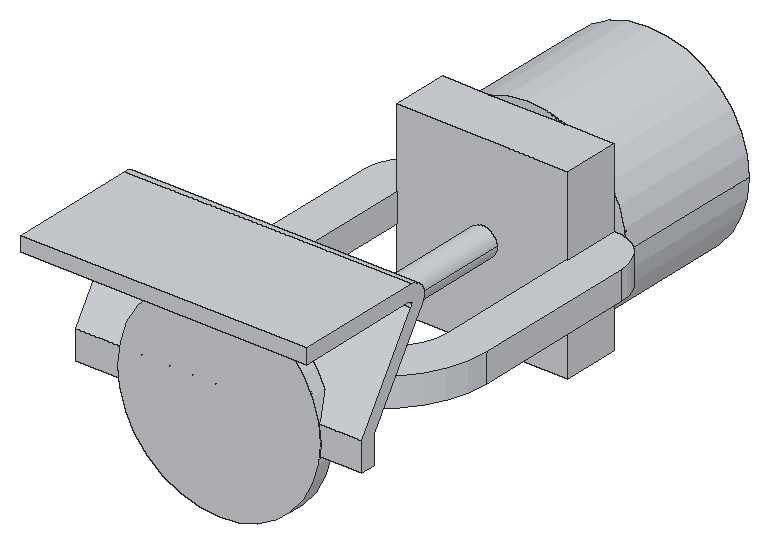
Revit family
Parameters (values of type "RASCO F156 HSW")
  Temperature Rating = 200 °F
  Response = (empty or 0)
  RASCO SIN # = "RA1335"
  RASCO Part # = "F56H2C"
  Pressure Rating = "175 PSI"
  Pressure Class = (empty or 0)
  Orifice Size = 1/2"
  Orifice = (empty or 0)
  Model = "F156"
  Manufacturer = "RASCO"
  K-Factor = 5.6
  Description = "Chrome Finish"
  Coverage = (empty or 0)
Reference planes (in)
  plane 1 "Center (Front/Back)": y = 0
  plane 2: z = 0
  plane 3 "Center (Left/Right)": x = 0
Dimensions and locks (in)
  aligned and locked: plane 2 to level
Nested families (in)
  nested 1: "F56H2C" at (0, 0, 0), type "RASCO F156 HSW"
Connectors (in)
  piping at (-0.01236, 1.34926, 1.25584)
    settings: on nested 1, index 1, connector radius 55/128", flow factor 0, pipe flow 0 GPM, pressure drop 0.00 psi, fitting loss kfactor 0, connector angle 0.00°, fixture units 0, flow configuration 0, flow direction 0, fitting loss method 0, system type 7, connector reference index -1, connector utility 0, adjustable connector no, is connector primary yes, fitting loss table "", connector description ""
Definition of nested family "F56H2C"
  Parameters (values of type "RASCO F156 HSW")
    Type Comments = ""
    Temperature Rating = 0 °F
    Response = (empty or 0)
    Pressure Rating = "0"
    Pressure Class = (empty or 0)
    Orifice Size = 0"
    Orifice = (empty or 0)
    Model = ""
    Manufacturer = ""
    K-Factor = 0
    Description = ""
    Coverage = (empty or 0)
    Assembly Code = ""
  Reference planes (in)
    plane 1 "Center (Front/Back)": y = 0
    plane 2: z = 0
    plane 3 "ref.2": z = 0.6875
    plane 4 "ref.3": z = 0.9375
    plane 5: x = -0.38065
    plane 6: x = 0.36935
    plane 7 "ref. side 1": y = 0.06402
    plane 8 "ref. side 2": y = -0.06098
    plane 9 "ref.4": z = 1.875
    plane 10 "ref.5": z = 2.3125
    plane 11 "ref.6": z = 2.4375
    plane 12 "center": x = -0.00574
  Forms (in)
    Extrusion 1, solid
      sketch origin (-0.01236, 1.37309, 1.25584) x (-1, 0, 0) y (0, 0, -1)
        loop
          circle (0, 0) r 0.4379
      from 0.02383 to 0.6875
    Extrusion 2, solid
      sketch origin (0.10949, 0.68559, 1.20407) x (-1, 0, 0) y (0, 0, -1)
        loop
          line (-0.2588, 0.356) -> (-0.2588, -0.4565) -> (0.4912, -0.4565) -> (0.4912, 0.356) -> (-0.2588, 0.356)
      from 0 to 0.25
    Extrusion 3, solid
      sketch origin (-0.01236, 1.3722, 1.25584) x (-1, 0, 0) y (0, -1, 0)
        loop
          line (-0.38065, 0.68754) -> (-0.38065, 1.58397)
          arc (-0.38065, 1.58397) -> (-0.29541, 1.78976) -> (-0.08962, 1.875) r 0.29103
          line (-0.08962, 1.875) -> (0.07524, 1.875)
          arc (0.07524, 1.875) -> (0.28321, 1.78886) -> (0.36935, 1.58089) r 0.29411
          line (0.36935, 1.58089) -> (0.36935, 0.68751)
          arc (0.36935, 0.68751) -> (0.50207, 0.74393) -> (0.55685, 0.87734) r 0.18984
          line (0.55685, 0.87734) -> (0.55685, 1.61676)
          arc (0.55685, 1.61676) -> (0.42629, 1.93194) -> (0.11111, 2.0625) r 0.44574
          line (0.11111, 2.0625) -> (-0.12259, 2.0625)
          arc (-0.12259, 2.0625) -> (-0.43765, 1.932) -> (-0.56815, 1.61694) r 0.44556
          line (-0.56815, 1.61694) -> (-0.56815, 0.87876)
          arc (-0.56815, 0.87876) -> (-0.51345, 0.74486) -> (-0.38065, 0.68754) r 0.19126
      from -0.06402 to 0.06098
    Extrusion 4, solid
      sketch origin (-0.01236, 0.43559, 1.25584) x (1, 0, 0) y (0, 0, 1)
        loop
          circle (0.00574, -0.00152) r 0.0625
      from 0 to 0.9375
    Extrusion 5, solid
      sketch origin (-0.01236, -0.50191, 1.25584) x (1, 0, 0) y (0, 0, 1)
        loop
          circle (0.00574, -0.00152) r 0.1875
      from 0 to 0.4375
    Extrusion 6, solid
      sketch origin (-0.01236, -0.89954, 1.2504) x (-1, 0, 0) y (0, 0, 1)
        loop
          circle (-0.00574, -0.00152) r 0.44275
      from -0.10531 to -0.03987
    Extrusion 7, solid
      sketch origin (-0.00662, 1.2679, 1.26334) x (0, -1, 0) y (0, 0, 1)
        loop
          line (2.27263, -0.06402) -> (2.27263, 0.06098) -> (2.00466, 0.4658)
          arc (2.00466, 0.4658) -> (2.00382, 0.48409) -> (2.01953, 0.49348) r 0.01783
          line (2.01953, 0.49348) -> (2.57559, 0.49348) -> (2.57559, 0.55848) -> (2.00257, 0.55848)
          arc (2.00257, 0.55848) -> (1.94355, 0.52319) -> (1.9467, 0.4545) r 0.067
          line (1.9467, 0.4545) -> (2.20719, 0.06098) -> (2.20719, -0.06402) -> (2.27263, -0.06402)
      from -0.62515 to 0.62904
  Cuts and joins
    joined: Extrusion 1, Extrusion 2, Extrusion 4
